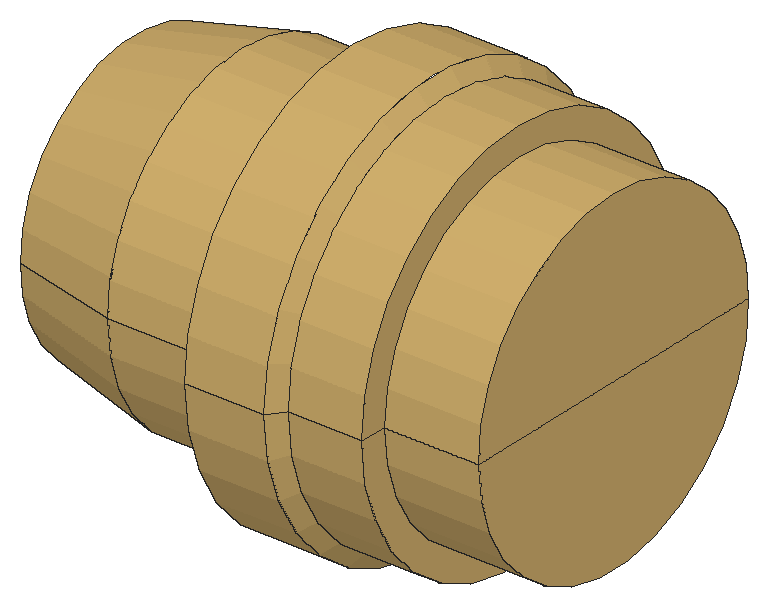
Revit family "Plumbing_Joints_Aignep_Straight-Male-Adaptor-90010", category Pipe Fittings, Revit 2018
Family settings
  Round Connector Dimension = Use Diameter
  Part Type = Transition
  OmniClass Number = 23.27.43.00
  OmniClass Title = Pipe Fittings
  Work Plane-Based = No
  Always vertical = Yes
  Cut with Voids When Loaded = No
  Shared = No
Parameters (values of type "90010")
  URL = "https://www.aignep.com/"
  QR code = "https://www.bimobject.com/aignep/product/straight-male-adaptor-90010"
  Product url = "https://www.aignep.com/eng/Pipe-fittings-INFINITY/Air-Pipeline-INFINITY-Series/STRAIGHT-MALE-ADAPTOR"
  Product name = "Straight Male Adaptor - 90010"
  Product group = "Fittings"
  Product family = "INFINITY"
  Product data url = "https://www.bimobject.com/aignep/product/straight-male-adaptor-90010"
  Product certification = "https://www.aignep.com/eng/Certificazioni/FREE-OF-SILICON"
  Product SKU = "Straight-Male-Adaptor-90010"
  Product Material [instance] = AIGNEP - Brass - Yellow
  Product Guid = "672a341b-5dbe-4f14-a7ed-70fa44d4f21c"
  OmniClass Description = "Pipe Fittings"
  OmniClass Code = "23-27 43 00"
  Note [instance] = "For diameters 50 and 63, use Aluminium"  # constant formula
  Nominal Diameter 02 [instance] = 63.50 mm
  Nominal Diameter 01 [instance] = 63.00 mm
  Model = "90010"
  Material secondary = "Aluminium"
  Material main = "Brass"
  Manufacturer name = "Aignep Spa"
  Manufacturer country = "Italy"
  Manufacturer = "Aignep Spa"
  Lookup Table Name = "90010 Straight Male Adaptor"  # constant formula
  L [instance] = size_lookup(Lookup Table Name, "L", 0.00 mm, Nominal Diameter 01, Nominal Diameter 02)  # 106.50 mm
  Keynote = "15410"
  I_Type_A [instance] = Nominal Diameter 01 > 40.00 mm  # yes
  I_Type_01 [instance] = not(I_Type_A)  # no
  IFC Classification = "Pipe Fitting"
  H_Outside [instance] = size_lookup(Lookup Table Name, "H_Outside", 0.00 mm, Nominal Diameter 01, Nominal Diameter 02)  # 1.00 mm
  H_Nut_2 [instance] = size_lookup(Lookup Table Name, "H_Nut_2", 0.00 mm, Nominal Diameter 01, Nominal Diameter 02)  # 20.00 mm
  H_Nut_1 [instance] = size_lookup(Lookup Table Name, "H_Nut_1", 0.00 mm, Nominal Diameter 01, Nominal Diameter 02)  # 22.00 mm
  F [instance] = Nominal Diameter 02  # 63.50 mm
  Edition number = 1
  E [instance] = size_lookup(Lookup Table Name, "E", 0.00 mm, Nominal Diameter 01, Nominal Diameter 02)  # 94.00 mm
  Design country = "Italy"
  Description = "Straight male adaptor"
  D [instance] = Nominal Diameter 01  # 63.00 mm
  CH2 [instance] = size_lookup(Lookup Table Name, "CH2", 0.00 mm, Nominal Diameter 01, Nominal Diameter 02)  # 75.00 mm
  CH1 [instance] = size_lookup(Lookup Table Name, "CH1", 0.00 mm, Nominal Diameter 01, Nominal Diameter 02)  # 75.00 mm
  BIMobject category = "Joints"
  B [instance] = size_lookup(Lookup Table Name, "B", 0.00 mm, Nominal Diameter 01, Nominal Diameter 02)  # 57.50 mm
  Assembly Code = "D2040100"
  Article Code [instance] = size_lookup(Lookup Table Name, "", "ND", Nominal Diameter 01, Nominal Diameter 02)  # "9001000008A"
  A [instance] = size_lookup(Lookup Table Name, "A", 0.00 mm, Nominal Diameter 01, Nominal Diameter 02)  # 24.00 mm
Reference planes
  plane 1 "Center (Front/Back)": y = -11.5
  plane 2: z = 0
  plane 3 "Center (Left/Right)": x = 0
  plane 4: y = 20.25
  plane 5: x = 24
  plane 6: x = 53.25
  plane 7: x = 49
  plane 8: y = -43.25
  plane 9: y = 20
  plane 10: y = -43
  plane 11: y = -49
  plane 12: y = 26
  plane 13: x = 106.5
  plane 14: x = 105.5
  plane 15: x = 85.5
  plane 16: y = 26
  plane 17: y = -49
  plane 18: y = 35.5
  plane 19: y = -58.5
  plane 20: x = 46
Forms (mm)
  Revolve 1, solid, material "AIGNEP - Brass - Yellow" <- "Product Material", visible <- "I_Type_01", detail levels fine
    sketch origin (0, 0, 0) x (1, 0, 0) y (0, 1, 0)
      loop
        line (0, -11.5) -> (106.5, -11.5) -> (106.5, 20) -> (105.5, 20) -> (105.5, 26) -> (85.5, 26) -> (85.5, 34.364) -> (58.979, 34.364) -> (56.721, 34.943) -> (49.727, 34.943) -> (48.764, 35.5) -> (46, 35.5) -> (46, 26) -> (24, 26) -> (0, 20.25) -> (0, -11.5)
      axis (0, -11.5) -> (106.5, -11.5)
    angle from 0 to 360
  Revolve 2, solid, material "AIGNEP - Brass - Yellow" <- "Product Material", visible <- "I_Type_A", detail levels fine
    sketch origin (0, 0, 0) x (1, 0, 0) y (0, 1, 0)
      loop
        line (0, -11.5) -> (106.5, -11.5) -> (106.5, 26) -> (85.5, 26) -> (85.5, 32.215) -> (69.02, 32.215) -> (66.401, 35.5) -> (48.764, 35.5) -> (46, 26) -> (24, 26) -> (0, 20.25) -> (0, -11.5)
      axis (0, -11.5) -> (106.5, -11.5)
    angle from 0 to 360
Lines and regions (mm)
  model lines, detail levels coarse+medium
    curve 1: line (0, -11.5, 0) -> (106.5, -11.5, 0)
    curve 2: line (106.5, 20, 0) -> (106.5, -43, 0)
    curve 3: line (0, 20.25, 0) -> (0, -43.25, 0)
Dimensions and locks
  equal spacing: plane 4, plane 1 "Center (Front/Back)", plane 8
  equal spacing: plane 9, plane 1 "Center (Front/Back)", plane 10
  equal spacing: plane 12, plane 1 "Center (Front/Back)", plane 11
  "F": plane 4 to plane 8
  "D": plane 9 to plane 10
  "CH1": plane 12 to plane 11
  equal spacing: plane 3 "Center (Left/Right)", plane 6, plane 13
  "L": plane 3 "Center (Left/Right)" to plane 13
  "B": plane 7 to plane 13
  "A": plane 3 "Center (Left/Right)" to plane 5
  equal spacing: plane 16, plane 1 "Center (Front/Back)", plane 17
  "CH2": plane 16 to plane 17
  equal spacing: plane 18, plane 1 "Center (Front/Back)", plane 19
  "E": plane 18 to plane 19
  "H_Outside": plane 14 to plane 13
  "H_Nut_2": plane 15 to plane 14
  "H_Nut_1": plane 5 to plane 20
  Revolve 1 sketch curve to Revolve 1 sketch curve to Revolve 1 sketch curve = 0.557 mm locked, 0.58 mm locked
  locked: Revolve 1 sketch curve to Revolve 1 sketch curve at 2.764
  locked: Revolve 2 sketch curve to Revolve 2 sketch curve at 3.285
  locked: plane 20 to Revolve 2 sketch curve at 2.764
  locked: plane 6 to Revolve 2 sketch curve at 13.151
  aligned and locked: level to plane 2
  aligned and locked: plane 4 to curve 3
  aligned and locked: plane 8 to curve 3
  aligned and locked: plane 9 to curve 2
  aligned and locked: plane 10 to curve 2
  aligned and locked: curve 3 to plane 3 "Center (Left/Right)"
  aligned and locked: curve 2 to plane 13
  aligned and locked: Revolve 1 sketch curve to plane 3 "Center (Left/Right)"
  aligned and locked: plane 4 to Revolve 1 sketch curve
  aligned and locked: plane 5 to Revolve 1 sketch curve
  aligned and locked: Revolve 1 sketch curve to plane 20
  aligned and locked: plane 15 to Revolve 1 sketch curve
  aligned and locked: plane 14 to Revolve 1 sketch curve
  aligned and locked: plane 13 to Revolve 1 sketch curve
  aligned and locked: plane 1 "Center (Front/Back)" to Revolve 1 sketch curve  (x2)
  aligned and locked: plane 12 to Revolve 1 sketch curve
  aligned and locked: plane 18 to Revolve 1 sketch curve
  aligned and locked: plane 16 to Revolve 1 sketch curve
  aligned and locked: plane 9 to Revolve 1 sketch curve
  aligned and locked: Revolve 2 sketch curve to plane 3 "Center (Left/Right)"
  aligned and locked: plane 15 to Revolve 2 sketch curve
  aligned and locked: plane 13 to Revolve 2 sketch curve
  aligned and locked: plane 18 to Revolve 2 sketch curve
  aligned and locked: plane 12 to Revolve 2 sketch curve
  aligned and locked: plane 4 to Revolve 2 sketch curve
  aligned and locked: plane 1 "Center (Front/Back)" to Revolve 2 sketch curve  (x2)
  aligned and locked: plane 16 to Revolve 2 sketch curve
  aligned and locked: plane 20 to Revolve 2 sketch curve
Automatic sketch dimensions
  plane 1 "Center (Front/Back)" to curve 1 = 0.00 mm
  Revolve 1 sketch curve to Revolve 1 sketch curve = 0.964 mm
  plane 6 to Revolve 1 sketch curve = 3.471 mm
  Revolve 1 sketch curve to Revolve 1 sketch curve = 2.258 mm
  Revolve 1 sketch curve to plane 3 "Center (Left/Right)" = 95.00 mm
  Revolve 1 sketch curve to Revolve 1 sketch curve = 45.00 mm
  Revolve 2 sketch curve to plane 5 = 0.00 mm
  Revolve 2 sketch curve to plane 3 "Center (Left/Right)" = 135.00 mm
  Revolve 2 sketch curve to Revolve 2 sketch curve = 85.00 mm
  Revolve 2 sketch curve to Revolve 2 sketch curve = 2.619 mm
Connectors
  piping at (0, -11.5, 0), diameter 63.5, driven by "Nominal Diameter 02"
    settings: on Revolve 1, index 1, connector inside diameter 609.60 mm, connector length 0.00 mm, flow factor 0, pipe flow 0.0 L/s, pressure drop 0.0 Pa, fitting loss kfactor 0, connector angle 180.00°, fixture units 0, engagement length 0.00 mm, angle of deflection 0.00°, flow configuration 0, flow direction 0, fitting loss method 0, system type 28, joint type 0, gender type 0, connector reference index 2, connector utility 0, adjustable connector no, is connector primary yes, connector description ""
  piping at (106.5, -11.5, 0), diameter 63, driven by "Nominal Diameter 01"
    settings: on Revolve 1, index 2, connector inside diameter 609.60 mm, connector length 0.00 mm, flow factor 0, pipe flow 0.0 L/s, pressure drop 0.0 Pa, fitting loss kfactor 0, connector angle 0.00°, fixture units 0, engagement length 0.00 mm, angle of deflection 0.00°, flow configuration 0, flow direction 0, fitting loss method 0, system type 28, joint type 0, gender type 0, connector reference index 1, connector utility 0, adjustable connector no, is connector primary no, connector description ""
